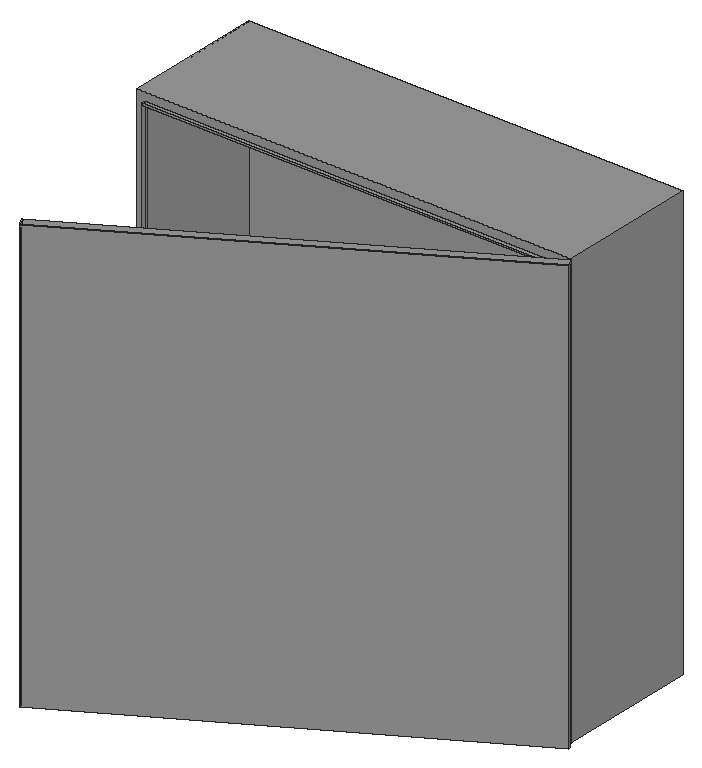
Revit family "Hager-Univers-IP55-D275-H800-Cl.II-Steel_encl-NoHosted-PL-en", category Equipement électrique, Revit 2020
Family settings
  Configuration du panneau = Deux colonnes, circuits au sein
  Cote de connecteur circulaire = Utiliser le diamètre
  Type d'élément = Tableau de raccordement
  Basée sur le plan de construction = Oui
  Toujours verticalement = Oui
  Couper avec des vides une fois chargée = Non
  Partagée = Non
  Point de calcul de pièce = Non
Parameters (values of type "Surface mounted (plaster) IP55 W800 H800 D275  - FR53S")
  Width Control [instance] = if([EF000008 - Width] > Min Width, [EF000008 - Width], Min Width)  # 800 mm
  Commentaires du type = [HG000003 - Range]  # "Univers"
  Thickness Door [instance] = if([EF009171 - Material plate thickness door/cover] > 3 mm, 3 mm, [EF009171 - Material plate thickness door/cover])  # 1.5 mm
  Seal Frame Offset [instance] = 17 mm  # constant formula
  Plinth Visibility [instance] = [HG000027 - Plinth height] > 0 mm  # no
  Min Width [instance] = 100 mm  # constant formula
  Min Depth [instance] = (2 * [EF009170 - Material plate thickness cabinet]) + 1 mm  # 4 mm
  Min Height [instance] = 100 mm  # constant formula
  Internal Frame Depth [instance] = (Door System Depth * 0.5)  # 9 mm
  Panel Name [instance] = ""  # (empty or 0)
  Model = ""
  HG000027 - Plinth height = 0 mm
  HG000026 - Floor standing = no
  HG000024 - Bottom section height = 600 mm
  HG000023 - Double section enclosure = no
  HG000016 - Door 3d visibility [instance] = yes
  HG000015 - Clearance visibility [instance] = no
  HG000014 - Door on the right [instance] = yes
  HG000013 - Door on the left [instance] = not([HG000014 - Door on the right])  # no
  HG000012 - Door swing angle [instance] = 30.00°
  HG000010 - Asymmetric doors = no
  HG000009 - Double swing door = no
  HG000006 - Flush mounted = no
  HG000004 - Manufacturer reference = "FR53S"
  HG000003 - Range = "Univers"
  HG000002 - With door or cover = yes
  Frame Offset Bottom [instance] = 10 mm  # constant formula
  Frame Offset [instance] = 15 mm  # constant formula
  EF015940 - Cover with overpressure release = no
  EF011959 - Degree of protection (NEMA) = ""
  EF009554 - Number of openings for flange plates = 6
  EF009212 - Cover model = "EV000116 - Closed"
  EF009171 - Material plate thickness door/cover = 1.5 mm
  EF009170 - Material plate thickness cabinet = 1.5 mm
  EF008873 - Nominal current (In) = 800 A
  EF007800 - Suitable for lightning protection = no
  EF006306 - With lock = no
  EF006244 - Transparent cover/door = no
  EF005474 - Degree of protection (IP) = "EV006420 - IP55"
  EF004464 - Type of door = "EV002646 - Single"
  EF004427 - Number of modules = 180
  EF004293 - Impact strength = "EV008784 - IK10"
  EF003532 - Suitable for outdoor use = no
  EF002950 - Width in number of modular spacings = 24
  EF001613 - Circuit integrity = "EV000494 - None"
  EF001596 - Material housing = "EV000179 - Steel"
  EF001131 - Internal depth = 275 mm
  EF001088 - Extension possible = yes
  EF000437 - Number of conduit inlets = 6
  EF000339 - Type of cover = "EV004216 - Door"
  EF000266 - Number of rows = 5
  EF000218 - Built-in depth = 0 mm
  EF000118 - With mounting plate = no
  EF000116 - RAL-number = "7035"
  EF000049 - Depth = 275 mm
  EF000040 - Height = 800 mm
  EF000008 - Width = 800 mm
  EF000007 - Colour = "EV000270 - Grey"
  EF000003 - Mounting method = "EV000384 - Surface mounted (plaster)"
  Door System Leaf Tolerance [instance] = 1.5 mm  # constant formula
  Door System Depth [instance] = 18 mm  # constant formula
  Door Height [instance] = Height Control - [HG000027 - Plinth height]  # 800 mm
  Description = ""
  Default Elevation = 1219.2 mm
  Connector Offset [instance] = Height Control / 2  # 400 mm
  Fabricant = "Hager"  # constant formula
  Height Control [instance] = if([EF000040 - Height] > Min Height, [EF000040 - Height], Min Height)  # 800 mm
  Depth Control [instance] = if([EF000049 - Depth] > Min Depth, [EF000049 - Depth], Min Depth)  # 275 mm
  Bottom Top Plate Trim [instance] = 1.5 mm  # constant formula
  Plinth height Ctrl [instance] = if([HG000027 - Plinth height] > 0 mm, [HG000027 - Plinth height], 12 mm)  # 12 mm
Types (5, lengths in mm): name | Width Control | HG000010 - Asymmetric doors | HG000009 - Double swing door | HG000004 - Manufacturer reference | EF009554 - Number of openings for flange plates | EF004464 - Type of door | EF004427 - Number of modules | EF000437 - Number of conduit inlets | EF000008 - Width
  Surface mounted (plaster) IP55 W1050 H800 D275  - FR54S | 1050 | no | yes | "FR54S" | 8 | "EV003602 - Double" | 240 | 8 | 1050
  Surface mounted (plaster) IP55 W1300 H800 D275  - FR55S | 1300 | yes | yes | "FR55S" | 10 | "EV003602 - Double" | 300 | 10 | 1300
  Surface mounted (plaster) IP55 W300 H800 D275  - FR51S | 300 | no | no | "FR51S" | 2 | "EV002646 - Single" | 60 | 2 | 300
  Surface mounted (plaster) IP55 W550 H800 D275  - FR52S | 550 | no | no | "FR52S" | 4 | "EV002646 - Single" | 120 | 4 | 550
  Surface mounted (plaster) IP55 W800 H800 D275  - FR53S | 800 | no | no | "FR53S" | 6 | "EV002646 - Single" | 180 | 6 | 800
Reference planes
  plane 1 "Center (Front/Back)": y = 0
  plane 2: z = 0
  plane 3 "Center (Left/Right)": x = 0
  plane 4: y = 0
  plane 5: y = 0
  plane 6: z = 0
  plane 7: x = -400
  plane 8: x = 400
  plane 9: x = 398.5
  plane 10: x = -398.5
  plane 11: z = 0
  plane 12: z = 1.5
  plane 13: y = -275
  plane 14: y = -1.5
  plane 15: x = 0
  plane 16: y = -257
  plane 17: y = -273.5
  plane 18: y = -255.5
  plane 19: x = -383.5
  plane 20: x = 383.5
  plane 21: z = 11.5
  plane 22: x = -383
  plane 23: x = 383
  plane 24: z = 0
  plane 25: z = 800
  plane 26: z = 800
  plane 27: z = 783.5
  plane 28: z = 798.5
Forms (mm)
  Extrusion 1, solid, material "Hager_Steel_RAL7035_Light_Grey", detail levels medium+fine
    sketch origin (-208.679, -4572, 0) x (-1, 0, 0) y (0, -1, 0)
      loop
        line (191.321, -4315) -> (-608.679, -4315) -> (-608.679, -4572) -> (191.321, -4572) -> (191.321, -4315)
    from 0 to 800
  Extrusion 2, void
    sketch origin (-350.771, -275, 1219.2) x (1, 0, 0) y (0, 0, 1)
      loop
        line (-47.729, -420.7) -> (-47.729, -1217.7) -> (749.271, -1217.7) -> (749.271, -420.7) -> (-47.729, -420.7)
    from -19.5 to -273.5
  Extrusion 3, void
    sketch origin (-290.084, -257, 1219.2) x (1, 0, 0) y (0, 0, 1)
      loop
        line (-93.416, -1207.7) -> (673.584, -1207.7) -> (673.584, -435.7) -> (-93.416, -435.7) -> (-93.416, -1207.7)
    from 0 to -1.5
  Extrusion 4, solid, material "Hager_Steel_RAL7035_Light_Grey", visible <- "Plinth Visibility", detail levels medium+fine
    sketch origin (0, 0, 0) x (1, 0, 0) y (0, 1, 0)
      loop
        line (-400, 0) -> (-400, -257) -> (400, -257) -> (400, 0) -> (-400, 0)
    from 0 to 12 <- "Plinth height Ctrl"
  Extrusion 5, solid, material "Hager_Steel_RAL7035_Light_Grey", detail levels coarse
    sketch origin (0, 0, 0) x (1, 0, 0) y (0, 1, 0)
      loop
        line (-400, 0) -> (-400, -275) -> (400, -275) -> (400, 0) -> (-400, 0)
    from 0 to 800 <- "Height Control"
  Sweep 6, void
    path in 3D
      loop
        line (-400, -257, 12) -> (400, -257, 12) -> (400, 0, 12) -> (-400, 0, 12) -> (-400, -257, 12)
    profile origin (-400, -128.5, 12) x (1, 0, 0) y (0, 0, 1)
      loop
        line (0, 0) -> (0, -1.5) -> (1.5, -1.5)
        arc (1.5, -1.5) -> (1.061, -0.439) -> (0, 0) r 1.5
  Extrusion 7, solid, material "Hager_Steel_RAL7035_Light_Grey", detail levels fine
    sketch origin (-400, -257, 0) x (1, 0, 0) y (0, 0, 1)
      loop
        line (16.5, 11.5) -> (783.5, 11.5) -> (783.5, 783.5) -> (16.5, 783.5) -> (16.5, 11.5)
      loop
        line (15, 10) -> (785, 10) -> (785, 785) -> (15, 785) -> (15, 10)
    from 0 to 9 <- "Internal Frame Depth"
Cuts and joins
  Extrusion 2, Extrusion 3 cuts Extrusion 1
  Sweep 6 cuts Extrusion 4
Lines and regions (mm)
  Masking region 1
    outline origin (0, 0, 0) x (1, 0, 0) y (0, 1, 0)
      loop
        line (-400, 0) -> (-400, -275) -> (400, -275) -> (400, 0) -> (-400, 0)
  Masking region 2, detail levels coarse
    outline origin (-290.084, -257, 1219.2) x (-1, 0, 0) y (0, 0, 1)
      loop
        line (-690.084, -1219.2) -> (109.916, -1219.2) -> (109.916, -419.2) -> (-690.084, -419.2) -> (-690.084, -1219.2)
  Masking region 3, detail levels coarse
    outline origin (0, 0, 0) x (0, 1, 0) y (0, 0, 1)
      loop
        line (0, 0) -> (0, 800) -> (-275, 800) -> (-275, 0) -> (0, 0)
  Masking region 4, visible <- "Plinth Visibility", detail levels medium+fine
    outline origin (0, 0, 0) x (0, 1, 0) y (0, 0, 1)
      loop
        line (-1.5, 12) -> (-255.5, 12)
        arc (-255.5, 12) -> (-255.939, 10.939) -> (-257, 10.5) r 1.5
        line (-257, 10.5) -> (-257, 0) -> (0, 0) -> (0, 10.5)
        arc (0, 10.5) -> (-1.061, 10.939) -> (-1.5, 12) r 1.5
  Masking region 5, detail levels medium+fine
    outline origin (0, 0, 594.038) x (0, 1, 0) y (0, 0, 1)
      loop
        line (0, -594.038) -> (0, 205.962) -> (-257, 205.962) -> (-257, -594.038) -> (0, -594.038)
  Masking region 6, detail levels medium+fine
    outline origin (-359.7, -257, 1211.883) x (-1, 0, 0) y (0, 0, 1)
      loop
        line (-759.7, -1211.883) -> (40.3, -1211.883) -> (40.3, -411.883) -> (-759.7, -411.883) -> (-759.7, -1211.883)
  Masking region 7, visible <- "Plinth Visibility", detail levels medium+fine
    outline origin (-320.334, -257, 1041.368) x (-1, 0, 0) y (0, 0, 1)
      loop
        line (-720.334, -1041.368) -> (79.666, -1041.368) -> (79.666, -1030.868)
        arc (79.666, -1030.868) -> (78.606, -1030.429) -> (78.166, -1029.368) r 1.5
        line (78.166, -1029.368) -> (-718.834, -1029.368)
        arc (-718.834, -1029.368) -> (-719.273, -1030.429) -> (-720.334, -1030.868) r 1.5
        line (-720.334, -1030.868) -> (-720.334, -1041.368)
  sketch lines
    curve 1: line (-400, 0, 12) -> (-400, -257, 12)
    curve 2: line (-400, -257, 12) -> (400, -257, 12)
    curve 3: line (400, 0, 12) -> (-400, 0, 12)
    curve 4: line (400, -257, 12) -> (400, 0, 12)
Dimensions and locks
  locked: plane 1 "Center (Front/Back)" to plane 5
  "EF009170 - Material plate thickness cabinet": plane 7 to plane 10
  "EF009170 - Material plate thickness cabinet": plane 8 to plane 9
  equal spacing: plane 7, plane 3 "Center (Left/Right)", plane 8
  "Width Control": plane 7 to plane 8
  "Depth Control": plane 4 to plane 13
  "EF009170 - Material plate thickness cabinet": plane 4 to plane 14
  "Height Control": plane 25 to level
  "HG000027 - Plinth height": plane 11 to level
  "EF009170 - Material plate thickness cabinet": plane 12 to plane 11
  "EF009170 - Material plate thickness cabinet": plane 17 to plane 13
  "EF009170 - Material plate thickness cabinet": plane 18 to plane 16
  "Frame Offset Bottom": plane 21 to plane 12
  "Frame Offset": plane 10 to plane 19
  "Frame Offset": plane 9 to plane 20
  "Door System Depth": plane 16 to plane 13
  "Seal Frame Offset": plane 7 to plane 22
  "Seal Frame Offset": plane 8 to plane 23
  "EF009170 - Material plate thickness cabinet": plane 26 to plane 28
  "Frame Offset": plane 28 to plane 27
  "Connector Offset": plane 2 to connector elem
  "Bottom Top Plate Trim": profile plane to Sweep 6 sketch curve
  "Bottom Top Plate Trim": Sweep 6 sketch curve to Sweep 6 sketch curve
  "Plinth height Ctrl": Masking region 4 sketch curve to level
  "Plinth height Ctrl": Masking region 7 sketch curve to level
  "Thickness Door": Extrusion 7 sketch curve to Extrusion 7 sketch curve  (x4)
  "Bottom Top Plate Trim": radius of Sweep 6 sketch curve
  "Bottom Top Plate Trim": radius of Masking region 4 sketch curve  (x2)
  "Bottom Top Plate Trim": radius of Masking region 7 sketch curve  (x2)
  aligned and locked: Extrusion 2 sketch curve to plane 12
  aligned and locked: Extrusion 2 sketch curve to plane 9
  aligned and locked: Extrusion 2 sketch curve to plane 10
  aligned and locked: Extrusion 2 to plane 14
  aligned and locked: Extrusion 1 sketch curve to plane 4
  aligned and locked: plane 8 to Extrusion 1 sketch curve
  aligned and locked: plane 7 to Extrusion 1 sketch curve
  aligned and locked: Extrusion 2 to plane 18
  aligned and locked: Extrusion 3 sketch curve to plane 19
  aligned and locked: plane 20 to Extrusion 3 sketch curve
  aligned and locked: Extrusion 3 to Extrusion 2
  aligned and locked: Extrusion 3 sketch curve to plane 21
  aligned and locked: plane 3 "Center (Left/Right)" to nested 1
  aligned and locked: Extrusion 1 sketch curve to plane 16
  aligned and locked: Extrusion 4 sketch curve to cut or joined group of Extrusion 1, Extrusion 2, Extrusion 3
  aligned and locked: Masking region 1 sketch curve to plane 7
  aligned and locked: Masking region 1 sketch curve to plane 5
  aligned and locked: Masking region 1 sketch curve to plane 8
  aligned and locked: Masking region 2 sketch curve to level
  aligned and locked: level to Masking region 3 sketch curve
  aligned and locked: plane 1 "Center (Front/Back)" to Masking region 3 sketch curve
  aligned and locked: plane 13 to Masking region 3 sketch curve
  aligned and locked: plane 5 to Masking region 4 sketch curve
  aligned and locked: Masking region 2 sketch curve to plane 8
  aligned and locked: Masking region 2 sketch curve to plane 7
  aligned and locked: plane 7 to nested 2
  aligned and locked: nested 2 to plane 5
  aligned and locked: plane 5 to Masking region 5 sketch curve
  aligned and locked: plane 26 to Masking region 5 sketch curve
  aligned and locked: Extrusion 5 sketch curve to plane 8
  aligned and locked: Extrusion 5 sketch curve to plane 7
  aligned and locked: Extrusion 5 sketch curve to plane 5
  aligned and locked: Extrusion 3 sketch curve to plane 27
  aligned and locked: Extrusion 2 sketch curve to plane 28
  aligned and locked: Masking region 2 to plane 25
  aligned and locked: Extrusion 4 to plane 16
  aligned and locked: profile plane to Sweep 6 sketch curve
  aligned and locked: Masking region 5 sketch curve to plane 24
  aligned and locked: level to Masking region 4 sketch curve
  aligned and locked: Masking region 1 to plane 13
  aligned and locked: nested 1 to plane 16
  aligned and locked: Masking region 3 to plane 25
  aligned and locked: plane 16 to Masking region 4 sketch curve
  aligned and locked: Masking region 5 sketch curve to plane 16
  aligned and locked: plane 24 to plane 11
  aligned and locked: plane 26 to plane 25
  aligned and locked: plane 26 to cut or joined group of Extrusion 1, Extrusion 2, Extrusion 3
  aligned and locked: nested 1 to plane 24
  aligned and locked: Extrusion 1 to Extrusion 3
  aligned and locked: Masking region 6 sketch curve to plane 8
  aligned and locked: Masking region 6 sketch curve to plane 24
  aligned and locked: Masking region 6 sketch curve to plane 7
  aligned and locked: Masking region 6 sketch curve to plane 26
  aligned and locked: Masking region 7 sketch curve to plane 7
  aligned and locked: level to Masking region 7 sketch curve
  aligned and locked: Masking region 7 sketch curve to plane 8
  aligned and locked: Extrusion 7 sketch curve to cut or joined group of Extrusion 1, Extrusion 2, Extrusion 3  (x4)
Automatic sketch dimensions
  plane 19 to Extrusion 3 sketch curve = 0 mm
  Extrusion 3 sketch curve to plane 20 = 0 mm
  Extrusion 3 sketch curve to plane 21 = 0 mm
  Extrusion 4 sketch curve to plane 7 = 0 mm
  Extrusion 4 sketch curve to plane 8 = 0 mm
  Extrusion 4 sketch curve to plane 16 = 0 mm
  Masking region 1 sketch curve to plane 13 = 0 mm
  Masking region 2 sketch curve to plane 25 = 0 mm
  Masking region 3 sketch curve to plane 25 = 0 mm
  Extrusion 5 sketch curve to plane 13 = 0 mm
  profile plane to Sweep 6 sketch curve = 0 mm
Nested families
  nested 1: "EC000058_Univers_Door" at (0, -257, 0), Double <- "HG000009 - Double swing door", Transparent <- "EF006244 - Transparent cover/door", Angle <- "HG000012 - Door swing angle", Door_Right <- "HG000014 - Door on the right", Assymetrical <- "HG000010 - Asymmetric doors", Door <- "HG000002 - With door or cover", Width_Ctrl <- "Width Control", 3d_Door <- "HG000016 - Door 3d visibility", Clearance <- "HG000015 - Clearance visibility", Door_Left <- "HG000013 - Door on the left", Width <- "Width Control", Door_Depth <- "Door System Depth", Leaf_Tolerance <- "Door System Leaf Tolerance", Height <- "Door Height", Lock_Visibility <- "EF006306 - With lock", Thickness <- "Thickness Door", type "EC000058_Univers_Door", detail levels medium+fine
    with min_wh 4 mm, Width_Ctrl 800 mm, Width 800 mm, Transparent no, Thickness 1.5 mm, Seal_Material Hager_Rubber, Lock_Visibility no, Lock_Material Hager_Plastic_RAL9005_Jet_Black, Leaf_Width 800 mm, Leaf_Tolerance_External_Sides 0 mm, Leaf_Tolerance 1.5 mm, Leaf_Offset 0 mm, Leaf_Height 797 mm, Leaf_2_Width 800 mm, Leaf_2_Offset 400 mm, Leaf_1_Width 800 mm, Leaf_1_Offset 400 mm, Height_Ctrl 800 mm, Height 800 mm, Glass_Material Hager_Glass, Double_Clearance_Ctrl no, Double no, Door_Right_Ctrl yes, Door_Right yes, Door_Material Hager_Steel_RAL7035_Light_Grey, Door_Left_Ctrl no, Door_Left no, Door_Depth 18 mm, Door yes, Clearance_Material Hager_Clearance, Clearance_Depth 800 mm, Clearance_Ctrl no, Clearance no, Assymetrical no, Angle 30.00°, 3d_Door yes
  nested 2: "Hager_Enclosure_Symbol" at (-400, 0, 0), Height <- "Depth Control", Width <- "Width Control", type "Hager_Enclosure_Symbol"
    with Width_Ctrl 800 mm, Width 800 mm, Height_Ctrl 275 mm, Height 275 mm, A_Width_Int 18.047 mm, A_Width 216.562 mm, A_Height_Ctrl 240.625 mm, A_Height 240.625 mm
Connectors
  electrical at (0, 0, 400)
    settings: on plane 1 "Center (Front/Back)", index 1, voltage 0 V, apparent load 0 VA, apparent load phase1 0 VA, apparent load phase2 0 VA, apparent load phase3 0 VA, power factor 1, load classification "Other", number of poles 1, system type 30, power factor state 1, is connector primary yes, connector utility no, sub classification motor no, connector description ""
Definition of nested family "EC000058_Univers_Door"
  Parameters (values of type "EC000058_Univers_Door")
    min_wh [instance] = (2 * Thickness) + 1 mm  # 11 mm
    Width_Ctrl [instance] = 400 mm
    Width [instance] = 500 mm
    Transparent [instance] = yes
    Thickness [instance] = 5 mm
    Seal_Material [instance] = none
    Lock_Visibility [instance] = yes
    Lock_Material [instance] = none
    Leaf_Width [instance] = if((Width_Ctrl - 2 * Leaf_Tolerance_External_Sides) > 0 mm, (Width_Ctrl - 2 * Leaf_Tolerance_External_Sides), min_wh)  # 400 mm
    Leaf_Tolerance_External_Sides [instance] = 0 mm  # constant formula
    Leaf_Tolerance [instance] = 1.5 mm
    Leaf_Offset [instance] = 0 mm  # constant formula
    Leaf_Height [instance] = if((Height_Ctrl - 2 * Leaf_Tolerance) > 0 mm, (Height_Ctrl - 2 * Leaf_Tolerance), min_wh)  # 497 mm
    Leaf_2_Width [instance] = if(and(and(Double, Assymetrical), Door_Left), (Leaf_Width / 3) - (Leaf_Tolerance / 2), if(and(and(Double, Assymetrical), Door_Right), (Leaf_Width / 3) * 2 - (Leaf_Tolerance / 2), if(and(Double, not(Assymetrical)), (Leaf_Width / 2) - Leaf_Tolerance, Leaf_Width)))  # 400 mm
    Leaf_2_Offset [instance] = if(and(Double, Assymetrical), Leaf_2_Width / 2, if(and(Double, not(Assymetrical)), Leaf_Width / 4, Leaf_Width / 2))  # 200 mm
    Leaf_1_Width [instance] = if(and(and(Double, Assymetrical), Door_Right), (Leaf_Width / 3) - (Leaf_Tolerance / 2), if(and(and(Double, Assymetrical), Door_Left), (Width / 3) * 2 - (Leaf_Tolerance / 2), if(and(Double, not(Assymetrical)), (Leaf_Width / 2) - Leaf_Tolerance, Leaf_Width)))  # 400 mm
    Leaf_1_Offset [instance] = if(and(Double, Assymetrical), Leaf_1_Width / 2, if(and(Double, not(Assymetrical)), Leaf_Width / 4, Leaf_Width / 2))  # 200 mm
    Height_Ctrl [instance] = if(Height > min_wh, Height, min_wh)  # 500 mm
    Height [instance] = 500 mm
    Glass_Material [instance] = none
    Double_Clearance_Ctrl [instance] = and(Double, Clearance)  # no
    Double [instance] = no
    Door_Right_Ctrl [instance] = and(or(Door_Right, Double), Door)  # yes
    Door_Right [instance] = yes
    Door_Material [instance] = none
    Door_Left_Ctrl [instance] = and(or(Door_Left, Double), Door)  # no
    Door_Left [instance] = no
    Door_Depth [instance] = 30 mm
    Door [instance] = yes
    Default Elevation = 1219.2 mm
    Clearance_Material [instance] = none
    Clearance_Depth [instance] = if(Leaf_1_Width > Leaf_2_Width, Leaf_1_Width, Leaf_2_Width)  # 400 mm
    Clearance_Ctrl [instance] = and(not(Double), Clearance)  # yes
    Clearance [instance] = yes
    Assymetrical [instance] = yes
    Angle [instance] = 30.00°
    3d_Door [instance] = yes
  Reference planes
    plane 1 "Center (Front/Back)": y = 0
    plane 2 "Bottom": z = 0
    plane 3 "Center (Left/Right)": x = 0
    plane 4: z = 500
    plane 5: x = -200
    plane 6: x = 200
    plane 7: z = 500
    plane 8: x = -200
    plane 9: z = 0
    plane 10: x = 200
    plane 11: y = 0
    plane 12: z = 1.5
    plane 13: x = -600
    plane 14: y = -400
    plane 15: x = 600
    plane 16: x = 0
    plane 17: x = 0
    plane 18: x = -200
    plane 19: x = 200
    plane 20: z = 498.5
  Forms (mm)
    Extrusion 1, solid, material <- "Clearance_Material", visible <- "Double_Clearance_Ctrl"
      sketch origin (1200, 0, 0) x (1, 0, 0) y (0, 0, -1)
        loop
          line (-1800, -498.5) -> (-600, -498.5) -> (-600, 0) -> (-1800, 0) -> (-1800, -498.5)
      from 0 to -400
  Dimensions and locks
    equal spacing: plane 5, plane 3 "Center (Left/Right)", plane 6
    "Width_Ctrl": plane 5 to plane 6
    "Leaf_Offset": plane 5 to plane 8
    "Leaf_Offset": plane 6 to plane 10
    "Leaf_Offset": plane 9 to level
    "Leaf_Offset": plane 4 to plane 7
    "Height_Ctrl": plane 4 to level
    "Leaf_Tolerance": plane 12 to plane 9
    locked: plane 11 to plane 1 "Center (Front/Back)"
    "Leaf_1_Offset": plane 18 to plane 16
    "Leaf_2_Offset": plane 17 to plane 19
    "Leaf_1_Width": plane 13 to plane 8
    "Leaf_2_Width": plane 10 to plane 15
    "Clearance_Depth": plane 14 to plane 1 "Center (Front/Back)"
    "Leaf_Tolerance_External_Sides": plane 8 to plane 18
    "Leaf_Tolerance_External_Sides": plane 19 to plane 10
    "Leaf_Tolerance": plane 7 to plane 20
    aligned and locked: level to plane 2 "Bottom"
    aligned and locked: nested 1 to plane 16
    aligned and locked: nested 2 to plane 17
    aligned and locked: Extrusion 1 to plane 13
    aligned and locked: plane 15 to Extrusion 1
    aligned and locked: Extrusion 1 to plane 14
    aligned and locked: plane 12 to nested 1
    aligned and locked: nested 2 to plane 12
    aligned and locked: Extrusion 1 to plane 11
    aligned and locked: plane 20 to Extrusion 1
    aligned and locked: nested 2 to plane 11
    aligned and locked: nested 1 to plane 11
  Automatic sketch dimensions
    Extrusion 1 sketch curve to level = 0 mm
    plane 5 to Extrusion 1 sketch curve = 400 mm
    plane 6 to Extrusion 1 sketch curve = 400 mm
    Extrusion 1 sketch curve to plane 4 = 1.5 mm
  Nested families
    nested 1: "EC000058_Univers_Door_Leaf" at (0, 0, 1.5), Width <- "Leaf_1_Width", visible <- "Door_Left_Ctrl", Leaf_Height <- "Leaf_Height", Angle <- "Angle", 3d_Door <- "3d_Door", Transparent <- "Transparent", Clearance Material <- "Clearance_Material", Clearance <- "Clearance_Ctrl", Door_Material <- "Door_Material", Glass_Material <- "Glass_Material", Door_Depth <- "Door_Depth", Lock_Material <- "Lock_Material", Seal_Material <- "Seal_Material", Lock_Visibility <- "Lock_Visibility", Thickness <- "Thickness", type "EC000058_Univers_Door_Leaf"
      with Width 400 mm, Transparent_Glass_Offset 30 mm, Transparent_Ctrl yes, Transparent yes, Thickness 5 mm, Standard no, Seal_Material none, Seal_D2 8 mm, Seal_D1 1 mm, Offset_Internal_Frame 10 mm, Lock_Width 20 mm, Lock_Visibility_3d yes, Lock_Visibility yes, Lock_Thickness_3 3 mm, Lock_Thickness_2 1 mm, Lock_Thickness_1 3 mm, Lock_Radius_Offset_2 16 mm, Lock_Radius_Offset_1 15 mm, Lock_Radius_2 5 mm, Lock_Radius 6 mm, Lock_Offset 5 mm, Lock_Material none, Lock_Height 80 mm, Lock_Cover_Top_Offset_2d 17 mm, Lock_Cover_Height -65 mm, Leaf_Height 497 mm, Internal_Seal_Thickness 8 mm, Internal_Seal_Depth_2 4.5 mm, Internal_Frame_Depth 25 mm, Glass_Thickness -1 mm, Glass_Offset -2 mm, Glass_Material none, Door_Material none, Door_Depth 30 mm, Clearance Material none, Clearance yes, Angle_Ctrl 30.00°, Angle 30.00°, 3d_Door yes
    nested 2: "EC000058_Univers_Door_Leaf" at (0, 0, 1.5) x (-1, 0, 0) z (0, 0, 1), Width <- "Leaf_2_Width", visible <- "Door_Right_Ctrl", Leaf_Height <- "Leaf_Height", Angle <- "Angle", 3d_Door <- "3d_Door", Transparent <- "Transparent", Clearance Material <- "Clearance_Material", Clearance <- "Clearance_Ctrl", Door_Material <- "Door_Material", Glass_Material <- "Glass_Material", Door_Depth <- "Door_Depth", Lock_Material <- "Lock_Material", Seal_Material <- "Seal_Material", Lock_Visibility <- "Lock_Visibility", Thickness <- "Thickness", type "EC000058_Univers_Door_Leaf"
      with Width 400 mm, Transparent_Glass_Offset 30 mm, Transparent_Ctrl yes, Transparent yes, Thickness 5 mm, Standard no, Seal_Material none, Seal_D2 8 mm, Seal_D1 1 mm, Offset_Internal_Frame 10 mm, Lock_Width 20 mm, Lock_Visibility_3d yes, Lock_Visibility yes, Lock_Thickness_3 3 mm, Lock_Thickness_2 1 mm, Lock_Thickness_1 3 mm, Lock_Radius_Offset_2 16 mm, Lock_Radius_Offset_1 15 mm, Lock_Radius_2 5 mm, Lock_Radius 6 mm, Lock_Offset 5 mm, Lock_Material none, Lock_Height 80 mm, Lock_Cover_Top_Offset_2d 17 mm, Lock_Cover_Height -65 mm, Leaf_Height 497 mm, Internal_Seal_Thickness 8 mm, Internal_Seal_Depth_2 4.5 mm, Internal_Frame_Depth 25 mm, Glass_Thickness -1 mm, Glass_Offset -2 mm, Glass_Material none, Door_Material none, Door_Depth 30 mm, Clearance Material none, Clearance yes, Angle_Ctrl 30.00°, Angle 30.00°, 3d_Door yes
  Definition of nested family "EC000058_Univers_Door_Leaf"
    Parameters (values of type "EC000058_Univers_Door_Leaf")
      Width [instance] = 2000 mm
      Transparent_Glass_Offset [instance] = 30 mm
      Transparent_Ctrl [instance] = and(Transparent, [3d_Door])  # yes
      Transparent [instance] = yes
      Thickness [instance] = 5 mm
      Standard [instance] = and(not(Transparent), [3d_Door])  # no
      Seal_Material [instance] = none
      Seal_D2 [instance] = 8 mm  # constant formula
      Seal_D1 [instance] = 1 mm  # constant formula
      Offset_Internal_Frame [instance] = 10 mm  # constant formula
      Lock_Width [instance] = 20 mm  # constant formula
      Lock_Visibility_3d [instance] = and(Lock_Visibility, [3d_Door])  # yes
      Lock_Visibility [instance] = yes
      Lock_Thickness_3 [instance] = 3 mm  # constant formula
      Lock_Thickness_2 [instance] = 1 mm  # constant formula
      Lock_Thickness_1 [instance] = 3 mm  # constant formula
      Lock_Radius_Offset_2 [instance] = Lock_Radius_Offset_1 + 1 mm  # 16 mm
      Lock_Radius_Offset_1 [instance] = 15 mm  # constant formula
      Lock_Radius_2 [instance] = Lock_Radius - 1 mm  # 5 mm
      Lock_Radius [instance] = 6 mm  # constant formula
      Lock_Offset [instance] = 5 mm  # constant formula
      Lock_Material [instance] = none
      Lock_Height [instance] = 80 mm  # constant formula
      Lock_Cover_Top_Offset_2d [instance] = Lock_Radius_Offset_2 + 1 mm  # 17 mm
      Lock_Cover_Height [instance] = -(Lock_Height - Lock_Radius_Offset_1)  # -65 mm
      Leaf_Height [instance] = 2720.336 mm
      Internal_Seal_Thickness [instance] = 8 mm  # constant formula
      Internal_Seal_Depth_2 [instance] = 4.5 mm  # constant formula
      Internal_Frame_Depth [instance] = if(Door_Depth - Thickness > 5 mm, Door_Depth - Thickness, 5 mm)  # 25 mm
      Glass_Thickness [instance] = if(Thickness > 15 mm, Glass_Offset + 10 mm, -1 mm)  # -1 mm
      Glass_Offset [instance] = if(Thickness > 15 mm, -(Thickness + 10 mm) / 2, -2 mm)  # -2 mm
      Glass_Material [instance] = none
      Door_Material [instance] = none
      Door_Depth [instance] = 30 mm
      Default Elevation = 0 mm
      Clearance Material [instance] = none
      Clearance [instance] = yes
      Angle_Ctrl [instance] = if(Angle > 180.00°, 180.00°, Angle)  # 90.00°
      Angle [instance] = 90.00°
      3d_Door [instance] = yes
    Reference planes
      plane 1 "Center (Front/Back)": y = 0
      plane 2: z = 0
      plane 3 "Center (Left/Right)": x = 0
      plane 4: y = 2000
      plane 5: x = -1000
      plane 6: x = 1000
      plane 7: x = -3000
      plane 8: z = 2720.336
      plane 9: z = 30
      plane 10: z = 2690.336
      plane 11: x = 970
      plane 12: x = -970
      plane 13: y = -3
      plane 14: z = 107.833
      plane 15: y = -5
      plane 16: y = -223.314
      plane 17: x = -1000
      plane 18: z = 1360.168
      plane 19: y = 30
    Forms (mm)
      Extrusion 1, solid, material <- "Clearance Material", visible <- "Clearance"
        sketch origin (0, 0, 0) x (1, 0, 0) y (0, 0, 1)
          loop
            line (-3000, 2720.336) -> (-3000, 0) -> (1000, 0) -> (1000, 2720.336) -> (-3000, 2720.336)
        from 0 to -2000
      Extrusion 2, solid, material <- "Door_Material", visible <- "Standard", detail levels medium+fine
        sketch origin (-1000, 0, 0) x (0, 1, 0) y (-1, 0, 0)
          loop
            line (0, 30) -> (0, 25) -> (2000, 25) -> (2000, 30) -> (0, 30)
        from 0 to 2720.336 <- "Leaf_Height"
      Extrusion 3, solid, material <- "Door_Material", visible <- "Transparent_Ctrl", detail levels medium+fine
        sketch origin (-1000, 0, 0) x (0, 1, 0) y (-1, 0, 0)
          loop
            line (0, 25) -> (2000, 25) -> (2000, 30) -> (0, 30) -> (0, 25)
        from 0 to 2720.336 <- "Leaf_Height"
      Extrusion 4, void
        sketch origin (-1025, 2000, 0) x (0, 1, 0) y (0, 0, -1)
          loop
            line (-30, -2690.336) -> (-30, -30) -> (-1970, -30) -> (-1970, -2690.336) -> (-30, -2690.336)
        from 0 to 5 <- "Thickness"
      Sweep 5, solid, material <- "Seal_Material", visible <- "Transparent_Ctrl", detail levels fine
        path in 3D
          loop
            line (-1025, 30, 30) -> (-1025, 30, 2690.336) -> (-1025, 1970, 2690.336) -> (-1025, 1970, 30) -> (-1025, 30, 30)
        profile origin (-1025, 1000, 30) x (1, 0, 0) y (0, 0, 1)
          loop
            line (0, 0) -> (0, -8) -> (1, -8) -> (1, 0) -> (0, 0)
      Extrusion 6, solid, material <- "Glass_Material", visible <- "Transparent_Ctrl", detail levels medium+fine
        sketch origin (-1030, 0, 0) x (0, 1, 0) y (0, 0, -1)
          loop
            line (1970, -2690.336) -> (1970, -30) -> (30, -30) -> (30, -2690.336) -> (1970, -2690.336)
        from -2 <- "Glass_Offset" to -1 <- "Glass_Thickness"
      Extrusion 7, solid, material <- "Door_Material", visible <- "3d_Door", detail levels medium+fine
        sketch origin (-1025, 2000, 0) x (0, -1, 0) y (0, 0, -1)
          loop
            line (0, -2720.336) -> (2000, -2720.336) -> (2000, 0) -> (0, 0) -> (0, -2720.336)
          loop
            line (1995, -5) -> (5, -5) -> (5, -2715.336) -> (1995, -2715.336) -> (1995, -5)
        from 0 to 25 <- "Internal_Frame_Depth"
      Sweep 8, solid, material <- "Seal_Material", visible <- "Transparent_Ctrl", detail levels fine
        path in 3D
          loop
            line (-1025, 0, 0) -> (-1025, 2000, 0) -> (-1025, 2000, 2720.336) -> (-1025, 0, 2720.336) -> (-1025, 0, 0)
        profile origin (-1025, 0, 1360.168) x (1, 0, 0) y (0, 1, 0)
          loop
            line (0, 10) -> (2.975, 10)
            arc (2.975, 10) -> (4.053, 10.447) -> (4.5, 11.525) r 1.525
            line (4.5, 11.525) -> (4.5, 16.527)
            arc (4.5, 16.527) -> (4.069, 17.569) -> (3.027, 18) r 1.473
            line (3.027, 18) -> (0, 18) -> (0, 10)
      Extrusion 9, solid, material <- "Lock_Material", visible <- "Lock_Visibility_3d", detail levels fine
        sketch origin (-1030, 0, 0) x (0, 1, 0) y (0, 0, -1)
          loop
            arc (1993.5, -1400.168) -> (1994.561, -1399.729) -> (1995, -1398.668) r 1.5
            line (1995, -1398.668) -> (1995, -1320.168) -> (1975, -1320.168) -> (1975, -1398.668)
            arc (1975, -1398.668) -> (1975.439, -1399.729) -> (1976.5, -1400.168) r 1.5
            line (1976.5, -1400.168) -> (1993.5, -1400.168)
        from 3 <- "Lock_Thickness_1" to 0
      Blend 10, solid, material <- "Lock_Material", visible <- "Lock_Visibility_3d", detail levels fine
        base sketch origin (-1033, 0, 0) x (0, 1, 0) y (0, 0, -1)
          loop
            line (1975, -1320.168) -> (1975, -1398.668)
            arc (1975, -1398.668) -> (1975.439, -1399.729) -> (1976.5, -1400.168) r 1.5
            line (1976.5, -1400.168) -> (1993.5, -1400.168)
            arc (1993.5, -1400.168) -> (1994.561, -1399.729) -> (1995, -1398.668) r 1.5
            line (1995, -1398.668) -> (1995, -1320.168) -> (1975, -1320.168)
        top sketch origin (-1033, 0, 0) x (0, 1, 0) y (0, 0, -1)
          loop
            line (1976, -1320.168) -> (1976, -1398.668)
            arc (1976, -1398.668) -> (1976.146, -1399.022) -> (1976.5, -1399.168) r 0.5
            line (1976.5, -1399.168) -> (1993.5, -1399.168)
            arc (1993.5, -1399.168) -> (1993.854, -1399.022) -> (1994, -1398.668) r 0.5
            line (1994, -1398.668) -> (1994, -1320.168) -> (1976, -1320.168)
        from 0 to 1 <- "Lock_Thickness_2"
      Blend 11, solid, material <- "Lock_Material", visible <- "Lock_Visibility_3d", detail levels fine
        base sketch origin (-1034, 0, 0) x (0, 1, 0) y (0, 0, -1)
          loop
            line (1978, -1320.168) -> (1978, -1384.168)
            arc (1978, -1384.168) -> (1985, -1391.168) -> (1992, -1384.168) r 7
            line (1992, -1384.168) -> (1992, -1320.168) -> (1978, -1320.168)
        top sketch origin (-1034, 0, 0) x (0, 1, 0) y (0, 0, -1)
          loop
            line (1991, -1320.168) -> (1979, -1320.168) -> (1979, -1383.168)
            arc (1979, -1383.168) -> (1985, -1389.168) -> (1991, -1383.168) r 6
            line (1991, -1383.168) -> (1991, -1320.168)
        from 0 to 3 <- "Lock_Thickness_3"
      Extrusion 12, solid, material <- "Lock_Material", visible <- "Lock_Visibility_3d", detail levels fine
        sketch origin (-1030, 1975, 1320.168) x (1, 0, 0) y (0, -1, 0)
          loop
            line (-7, -19) -> (-7, -1) -> (0, -1) -> (0, 0) -> (-8, 0) -> (-8, -20) -> (0, -20) -> (0, -19) -> (-7, -19)
        from 0 to -65 <- "Lock_Cover_Height"
      Extrusion 13, void
        sketch origin (-1038, 1995, 1320.168) x (-1, 0, 0) y (0, 0, -1)
          loop
            line (-5, -65) -> (0, -65) -> (-5, -60) -> (-5, -65)
        from 0 to 20 <- "Lock_Width"
      Extrusion 14, void
        sketch origin (-1038, 1975, 1320.168) x (0, -1, 0) y (0, 0, -1)
          loop
            circle (-10, -15.995) r 6
          loop
            circle (-10, -15.995) r 5
        from 0 to 2
      Extrusion 15, solid, material <- "Lock_Material", visible <- "Lock_Visibility_3d", detail levels medium
        sketch origin (-1030, 0, 0) x (0, 1, 0) y (0, 0, -1)
          loop
            arc (1993.5, -1400.168) -> (1994.561, -1399.729) -> (1995, -1398.668) r 1.5
            line (1995, -1398.668) -> (1995, -1320.168) -> (1975, -1320.168) -> (1975, -1398.668)
            arc (1975, -1398.668) -> (1975.439, -1399.729) -> (1976.5, -1400.168) r 1.5
            line (1976.5, -1400.168) -> (1993.5, -1400.168)
        from 8 to 0
    Cuts and joins
      Extrusion 4 cuts Extrusion 3
      Extrusion 13, Extrusion 14 cuts Extrusion 9
      Extrusion 14 cuts Blend 11
      Extrusion 13, Extrusion 14 cuts Extrusion 12
      joined: Extrusion 9, Blend 10, Blend 11, Extrusion 12
      Extrusion 14 cuts Extrusion 15
    Lines and regions (mm)
      Masking region 1, visible <- "Lock_Visibility", detail levels fine
        outline origin (0, 0, 0) x (0, 1, 0) y (0, 0, 1)
          loop
            line (30, 1320.168) -> (33, 1320.168) -> (33, 1400.168) -> (30, 1400.168) -> (30, 1320.168)
      Masking region 2, visible <- "Lock_Visibility", detail levels fine
        outline origin (0, 3.143, 0) x (0, 1, 0) y (0, 0, 1)
          loop
            line (29.857, 1354.168) -> (30.857, 1354.168) -> (30.857, 1366.168) -> (29.857, 1366.168) -> (29.857, 1354.168)
      Masking region 3, detail levels medium+fine
        outline origin (0, 0, 0) x (0, 1, 0) y (0, 0, 1)
          loop
            line (0, 0) -> (30, 0) -> (30, 2720.336) -> (0, 2720.336) -> (0, 0)
      Masking region 4, detail levels medium+fine
        outline origin (0, 0, 0) x (1, 0, 0) y (0, 0, 1)
          loop
            line (-1000, 2720.336) -> (-1000, 0) -> (1000, 0) -> (1000, 2720.336) -> (-1000, 2720.336)
      Masking region 5, visible <- "Lock_Visibility", detail levels fine
        outline origin (-47.116, 0, 0) x (1, 0, 0) y (0, 0, 1)
          loop
            arc (1024.616, 1399.168) -> (1023.556, 1398.729) -> (1023.116, 1397.668) r 1.5
            line (1023.116, 1397.668) -> (1023.116, 1320.168) -> (1041.116, 1320.168) -> (1041.116, 1397.668)
            arc (1041.116, 1397.668) -> (1040.677, 1398.729) -> (1039.616, 1399.168) r 1.5
            line (1039.616, 1399.168) -> (1024.616, 1399.168)
      Masking region 6, visible <- "Lock_Visibility", detail levels medium+fine
        outline origin (-25, 0, 0) x (1, 0, 0) y (0, 0, 1)
          loop
            arc (1001.5, 1400.168) -> (1000.439, 1399.729) -> (1000, 1398.668) r 1.5
            line (1000, 1398.668) -> (1000, 1320.168) -> (1020, 1320.168) -> (1020, 1398.668)
            arc (1020, 1398.668) -> (1019.561, 1399.729) -> (1018.5, 1400.168) r 1.5
            line (1018.5, 1400.168) -> (1001.5, 1400.168)
      Masking region 7, visible <- "Lock_Visibility", detail levels fine
        outline origin (-73.735, 0, 0) x (1, 0, 0) y (0, 0, 1)
          loop
            line (1051.735, 1382.168) -> (1065.735, 1382.168) -> (1065.735, 1384.168)
            arc (1065.735, 1384.168) -> (1058.735, 1391.168) -> (1051.735, 1384.168) r 7
            line (1051.735, 1384.168) -> (1051.735, 1382.168)
      Masking region 8, visible <- "Lock_Visibility", detail levels fine
        outline origin (-73.735, 0, 0) x (1, 0, 0) y (0, 0, 1)
          loop
            line (1052.735, 1382.168) -> (1064.735, 1382.168) -> (1064.735, 1383.168)
            arc (1064.735, 1383.168) -> (1058.735, 1389.168) -> (1052.735, 1383.168) r 6
            line (1052.735, 1383.168) -> (1052.735, 1382.168)
      Masking region 9, visible <- "Lock_Visibility", detail levels fine
        outline origin (-25, 0, 0) x (1, 0, 0) y (0, 0, 1)
          loop
            line (1020, 1320.168) -> (1020, 1382.168) -> (1000, 1382.168) -> (1000, 1320.168) -> (1020, 1320.168)
      Masking region 10, detail levels medium+fine
        outline origin (0, 0, 0) x (1, 0, 0) y (0, 0, 1)
          loop
            circle (985, 1335.144) r 6
      Masking region 11, detail levels fine
        outline origin (0, 0, 0) x (1, 0, 0) y (0, 0, 1)
          loop
            circle (985, 1335.144) r 5
      Masking region 12, visible <- "Lock_Visibility", detail levels fine
        outline origin (0, 12.767, 0) x (0, 1, 0) y (0, 0, 1)
          loop
            line (20.233, 1320.168) -> (21.233, 1320.168) -> (21.233, 1399.168) -> (20.233, 1400.168) -> (20.233, 1320.168)
      Masking region 13, visible <- "Lock_Visibility", detail levels fine
        outline origin (0, 13.767, -10) x (0, 1, 0) y (0, 0, 1)
          loop
            line (20.233, 1330.168) -> (23.233, 1330.168) -> (23.233, 1399.168) -> (20.233, 1402.168) -> (20.233, 1330.168)
      Masking region 14, visible <- "Lock_Visibility", detail levels fine
        outline origin (0, 12.767, -10) x (0, 1, 0) y (0, 0, 1)
          loop
            line (20.233, 1330.168) -> (25.233, 1330.168) -> (25.233, 1399.305) -> (20.233, 1394.305) -> (20.233, 1330.168)
      Masking region 15, visible <- "Lock_Visibility", detail levels medium
        outline origin (0, 0, 0) x (0, 1, 0) y (0, 0, 1)
          loop
            line (30, 1320.168) -> (38, 1320.168) -> (38, 1400.168) -> (30, 1400.168) -> (30, 1320.168)
      Masking region 16, visible <- "Lock_Visibility", detail levels fine
        outline origin (-1000, 0, 0) x (0, 1, 0) y (-1, 0, 0)
          loop
            line (1975, 30) -> (1995, 30) -> (1995, 38) -> (1975, 38) -> (1975, 30)
          loop
            line (1979, 37) -> (1976, 37) -> (1976, 34) -> (1978, 34) -> (1979, 37)
          loop
            line (1994, 37) -> (1991, 37) -> (1992, 34) -> (1994, 34) -> (1994, 37)
      Masking region 17, visible <- "Lock_Visibility", detail levels medium
        outline origin (-1000, 0, 0) x (0, 1, 0) y (-1, 0, 0)
          loop
            line (1975, 30) -> (1995, 30) -> (1995, 38) -> (1975, 38) -> (1975, 30)
      symbolic lines
        curve 1: line (1000, 0, 0) -> (-3000, 0, 0)
        curve 2: arc (1000, 0, 0) -> (-1000, 2000, 0) -> (-3000, 0, 0) r 2000
        curve 4: line (-1030, 0, 0) -> (-1030, 2000, 0)
      reference lines
        curve 3: line (-1000, 0, 0) -> (-1000, 2000, 0)
      symbolic lines, detail levels medium+fine
        curve 5: line (-1030, 2000, 0) -> (-1025, 2000, 0)
        curve 7: line (-1025, 0, 0) -> (-1030, 0, 0)
        curve 8: line (-1025, 0, 0) -> (-1000, 0, 0)
        curve 9: line (-1000, 0, 0) -> (-1000, 2000, 0)
        curve 10: line (-1000, 2000, 0) -> (-1025, 2000, 0)
      symbolic lines, detail levels fine
        curve 6: line (-1025, 2000, 0) -> (-1025, 0, 0)
      sketch lines
        curve 11: line (-1025, 0, 2720.336) -> (-1025, 0, 0)
        curve 12: line (-1025, 2000, 0) -> (-1025, 0, 0)
        curve 13: line (-1025, 2000, 2720.336) -> (-1025, 2000, 0)
        curve 14: line (-1025, 0, 2720.336) -> (-1025, 2000, 2720.336)
        curve 15: line (-1025, 1970, 30) -> (-1025, 30, 30)
        curve 16: line (-1025, 30, 30) -> (-1025, 30, 2690.336)
        curve 17: line (-1025, 1970, 2690.336) -> (-1025, 1970, 30)
        curve 18: line (-1025, 30, 2690.336) -> (-1025, 1970, 2690.336)
      symbolic lines, visible <- "Transparent", detail levels medium+fine
        curve 19: line (-970, 0, 2690.336) -> (970, 0, 2690.336)
        curve 20: line (-970, 0, 30) -> (-970, 0, 2690.336)
        curve 21: line (970, 0, 30) -> (-970, 0, 30)
        curve 22: line (970, 0, 2690.336) -> (970, 0, 30)
    Dimensions and locks
      "Width": plane 1 "Center (Front/Back)" to plane 4
      equal spacing: plane 5, plane 3 "Center (Left/Right)", plane 6
      "Width": plane 5 to plane 6
      "Width": plane 7 to plane 5
      "Leaf_Height": plane 8 to level
      "Width": curve 5 to curve 3
      "Width": curve 3 to curve 3
      plane 8 to plane 10 = 30 mm
      plane 9 to level = 30 mm
      plane 12 to plane 5 = 30 mm
      plane 6 to plane 11 = 30 mm
      Extrusion 1 to Extrusion 4 sketch curve = 30 mm
      "Transparent_Glass_Offset": curve 3 to Extrusion 4 sketch curve
      "Transparent_Glass_Offset": Extrusion 4 sketch curve to cut or joined group of Extrusion 3, Extrusion 4  (x2)
      cut or joined group of Extrusion 3, Extrusion 4 to Extrusion 6 sketch curve = 30 mm
      "Transparent_Glass_Offset": cut or joined group of Extrusion 3, Extrusion 4 to Extrusion 4 sketch curve
      "Thickness": curve 6 to curve 4
      "Thickness": Extrusion 7 sketch curve to Extrusion 7 sketch curve  (x4)
      "Door_Depth": curve 4 to curve 3
      "Offset_Internal_Frame": profile plane to Sweep 8 sketch curve
      "Internal_Seal_Thickness": Sweep 8 sketch curve to Sweep 8 sketch curve
      "Internal_Seal_Depth_2": profile plane to Sweep 8 sketch curve
      "Seal_D1": profile plane to Sweep 5 sketch curve
      "Seal_D2": profile plane to Sweep 5 sketch curve
      "Thickness": Extrusion 2 sketch curve to Extrusion 2 sketch curve
      equal spacing: Extrusion 9 sketch curve, plane 18, Extrusion 9 sketch curve  (x2)
      equal spacing: Masking region 1 sketch curve, plane 18, Masking region 1 sketch curve
      "Lock_Height": Masking region 1 sketch curve to Masking region 1 sketch curve
      "Lock_Radius": Masking region 2 sketch curve to plane 18 to Masking region 2 sketch curve
      Masking region 2 sketch curve to Masking region 1 = 1 mm
      "Door_Depth": plane 19 to plane 1 "Center (Front/Back)"
      "Lock_Thickness_1": Masking region 1 sketch curve to plane 19
      "Lock_Width": Extrusion 9 sketch curve to Extrusion 9 sketch curve
      "Lock_Height": Extrusion 9 sketch curve to Extrusion 9 sketch curve
      "Lock_Offset": cut or joined group of Extrusion 3, Extrusion 4 to Extrusion 9 sketch curve
      equal spacing: plane 8, plane 18, level
      "Lock_Radius_Offset_1": Blend 11 sketch curve to Blend 10
      locked: Blend 10 to Blend 11 sketch curve at 2  (x2)
      locked: var sketch to Blend 11 sketch curve at 1  (x2)
      "Lock_Radius_Offset_2": Blend 11 sketch curve to Blend 10
      locked: Extrusion 12 sketch curve to Extrusion 12 sketch curve at 1  (x3)
      Masking region 6 sketch curve to Masking region 6 sketch curve = 80 mm
      "Lock_Height": Masking region 6 sketch curve to Masking region 6 sketch curve
      "Lock_Width": Masking region 6 sketch curve to Masking region 6 sketch curve
      locked: Masking region 6 to Masking region 5 sketch curve at 1  (x3)
      locked: Masking region 5 to Masking region 7 sketch curve at 2  (x2)
      "Lock_Radius_Offset_1": Masking region 5 to Masking region 7 sketch curve
      "Lock_Radius_Offset_2": Masking region 5 to Masking region 8 sketch curve
      locked: Masking region 7 to Masking region 8 sketch curve at 1  (x2)
      "Lock_Cover_Top_Offset_2d": Masking region 5 to Masking region 9 sketch curve
      equal spacing: Masking region 9, Masking region 10 sketch curve, Masking region 9
      equal spacing: Masking region 9, Masking region 11 sketch curve, Masking region 9
      Extrusion 15 sketch curve to Extrusion 15 sketch curve = 80 mm
      "Lock_Width": Extrusion 15 sketch curve to Extrusion 15 sketch curve
      "Lock_Height": Extrusion 15 sketch curve to Extrusion 15 sketch curve
      equal spacing: Extrusion 15 sketch curve, plane 18, Extrusion 15 sketch curve
      "Lock_Thickness_3": Masking region 13 sketch curve to Masking region 13 sketch curve
      "Lock_Height": Masking region 12 sketch curve to Masking region 12 sketch curve
      locked: Masking region 13 sketch curve to Masking region 1 at 8
      locked: Masking region 14 sketch curve to Masking region 13 at 1
      locked: Masking region 14 sketch curve to Masking region 1 at 10.863
      "Lock_Height": Masking region 15 sketch curve to Masking region 15 sketch curve
      "Lock_Offset": Extrusion 15 sketch curve to cut or joined group of Extrusion 3, Extrusion 4
      "Lock_Offset": plane 6 to Masking region 6 sketch curve
      radius of Sweep 8 sketch curve = 1.525 mm
      radius of Sweep 8 sketch curve = 1.473 mm
      radius of Extrusion 9 sketch curve = 1.5 mm  (x2)
      "Lock_Radius": radius of Extrusion 14 sketch curve
      "Lock_Radius_2": radius of Extrusion 14 sketch curve
      "Lock_Radius": radius of Masking region 10 sketch curve
      "Lock_Radius_2": radius of Masking region 11 sketch curve
      radius of Extrusion 15 sketch curve = 1.5 mm  (x2)
      "Angle_Ctrl": angle plane 1 "Center (Front/Back)" to curve 3
      locked: Masking region 12 sketch curve to Masking region 12 sketch curve (angle 45.00°)
      locked: Masking region 13 sketch curve to Masking region 13 sketch curve (angle 45.00°)
      locked: Masking region 14 sketch curve to Masking region 14 sketch curve (angle 45.00°)
      aligned and locked: level to plane 2
      aligned and locked: Extrusion 1 to curve 1
      aligned and locked: plane 6 to Extrusion 1
      aligned and locked: Extrusion 1 to plane 1 "Center (Front/Back)"
      aligned and locked: plane 4 to Extrusion 1
      aligned and locked: plane 8 to Extrusion 1
      aligned and locked: curve 7 to Extrusion 2 sketch curve
      aligned and locked: curve 5 to Extrusion 2 sketch curve
      aligned and locked: curve 7 to Extrusion 3 sketch curve
      aligned and locked: Extrusion 3 sketch curve to curve 4
      aligned and locked: Extrusion 3 sketch curve to curve 6
      aligned and locked: Extrusion 3 sketch curve to curve 5
      aligned and locked: curve 9 to curve 3
      aligned and locked: Extrusion 7 sketch curve to cut or joined group of Extrusion 3, Extrusion 4  (x4)
      aligned and locked: plane 17 to curve 3
      aligned and locked: plane 1 "Center (Front/Back)" to curve 3
      aligned and locked: plane 17 to plane 5
      aligned and locked: Sweep 8 sketch curve to profile plane
      aligned and locked: Sweep 5 sketch curve to profile plane  (x2)
      aligned and locked: Masking region 1 to Masking region 2 sketch curve
      aligned and locked: plane 19 to Masking region 1 sketch curve
      aligned and locked: plane 1 "Center (Front/Back)" to Masking region 3 sketch curve
      aligned and locked: plane 19 to Masking region 3 sketch curve
      aligned and locked: level to Masking region 3 sketch curve
      aligned and locked: Masking region 3 sketch curve to plane 8
      aligned and locked: plane 17 to Masking region 4 sketch curve
      aligned and locked: level to Masking region 4 sketch curve
      aligned and locked: Masking region 4 sketch curve to plane 8
      aligned and locked: plane 12 to curve 20
      aligned and locked: plane 10 to curve 19
      aligned and locked: plane 11 to curve 22
      aligned and locked: curve 21 to plane 9
      aligned and locked: Extrusion 2 sketch curve to cut or joined group of Extrusion 3, Extrusion 4
      aligned and locked: Blend 10 sketch curve to Extrusion 9  (x4)
      aligned and locked: Extrusion 9 to Blend 10 sketch curve
      aligned and locked: Blend 10 to Blend 11 sketch curve
      aligned and locked: Extrusion 12 sketch curve to Blend 11
      aligned and locked: Extrusion 12 sketch curve to Extrusion 9  (x4)
      aligned and locked: Masking region 5 sketch curve to Masking region 6
      aligned and locked: Masking region 9 sketch curve to Masking region 6  (x3)
      aligned and locked: Masking region 12 sketch curve to Masking region 1
      aligned and locked: Masking region 13 sketch curve to Masking region 1
      aligned and locked: Masking region 12 to Masking region 14
      aligned and locked: Masking region 14 sketch curve to Masking region 1
      aligned and locked: Masking region 15 sketch curve to Masking region 14
      aligned and locked: Masking region 13 sketch curve to Masking region 12
      aligned and locked: Masking region 16 sketch curve to cut or joined group of Extrusion 14, Extrusion 15  (x4)
      aligned and locked: Masking region 16 sketch curve to cut or joined group of Extrusion 9, Blend 10, Blend 11, Extrusion 12, Extrusion 13, Extrusion 14  (x6)
      aligned and locked: cut or joined group of Extrusion 9, Blend 10, Blend 11, Extrusion 12, Extrusion 13, Extrusion 14 to Masking region 16 sketch curve
      aligned and locked: Masking region 17 sketch curve to cut or joined group of Extrusion 14, Extrusion 15  (x3)
      aligned and locked: Masking region 17 sketch curve to cut or joined group of Extrusion 9, Blend 10, Blend 11, Extrusion 12, Extrusion 13, Extrusion 14
      aligned and locked: Masking region 9 to Masking region 8 sketch curve
      aligned and locked: Masking region 9 to Masking region 7 sketch curve
    Automatic sketch dimensions
      plane 1 "Center (Front/Back)" to curve 2 = 0 mm
      curve 2 to plane 5 = 0 mm
      Extrusion 1 sketch curve to level = 0 mm
      Extrusion 1 sketch curve to plane 7 = 0 mm
      Extrusion 1 sketch curve to plane 6 = 0 mm
      Extrusion 1 sketch curve to plane 8 = 0 mm
      Extrusion 3 to Extrusion 6 sketch curve = 30 mm  (x4)
      Masking region 4 sketch curve to plane 6 = 0 mm
      Blend 10 sketch curve to Extrusion 9 = 1.5 mm
      Blend 10 sketch curve to Extrusion 9 = 1 mm
      Extrusion 13 sketch curve to Extrusion 12 = 0 mm  (x2)
      Extrusion 12 to Extrusion 13 sketch curve = 3 mm
      Extrusion 13 sketch curve to Extrusion 12 = 5 mm
      Extrusion 14 sketch curve to Extrusion 14 sketch curve = 0 mm  (x2)
      Extrusion 14 sketch curve to Extrusion 12 = 10 mm
      Extrusion 14 sketch curve to Extrusion 12 = 15.995 mm
      Masking region 5 sketch curve to Masking region 5 sketch curve = 1.5 mm  (x2)
      Masking region 10 sketch curve to plane 18 = 25.024 mm
      Masking region 11 sketch curve to plane 18 = 25.024 mm
      plane 19 to Masking region 14 sketch curve = 3 mm
      Masking region 16 sketch curve to Masking region 16 sketch curve = 3 mm
      curve 4 to curve 3 = 0 mm
      Blend 10 to Blend 11 sketch curve = 0 mm
      Masking region 6 sketch curve to Masking region 6 sketch curve = 1.5 mm  (x2)
      Masking region 6 sketch curve to plane 18 = 40 mm
      plane 19 to Masking region 12 sketch curve = 3 mm
      Masking region 12 sketch curve to Masking region 12 sketch curve = 1 mm
      Masking region 15 sketch curve to plane 19 = 0 mm
      Masking region 15 sketch curve to plane 18 = 40 mm
      radius of Blend 10 sketch curve to Extrusion 9 = 1 mm
Definition of nested family "Hager_Enclosure_Symbol"
  Parameters (values of type "Hager_Enclosure_Symbol")
    Width_Ctrl [instance] = if(Width > 1 mm, Width, 1 mm)  # 102.27 mm
    Width [instance] = 102.27 mm
    Height_Ctrl [instance] = if(Height > 1 mm, Height, 1 mm)  # 66.5 mm
    A_Width_Int [instance] = if(A_Width / 12 > 2 mm, A_Width / 12, 2 mm)  # 4.364 mm
    A_Width [instance] = if(A_Height_Ctrl * 0.9 > 2 mm, A_Height_Ctrl * 0.9, 2 mm)  # 52.369 mm
    A_Height_Ctrl [instance] = if(A_Height > 2 mm, A_Height, 2 mm)  # 58.188 mm
    Height [instance] = 66.5 mm
    A_Height [instance] = Height - (Height / 8)  # 58.188 mm
  Reference planes
    plane 1 "Centre (avant/arrière)": y = 0
    plane 2: z = 0
    plane 3 "Centre (gauche/droite)": x = 0
    plane 4: x = 52.369
    plane 5: y = 33.042
    plane 6: y = 41.77
    plane 7: y = 66.5
    plane 8: x = 26.184
    plane 9: y = 37.406
    plane 10: x = 102.27
    plane 11: y = 66.5
    plane 12: y = 8.313
  Lines and regions (mm)
    Filled region 1, type "Solid_Black", in view "Niveau de réf."
      outline origin (0, 0, 0) x (1, 0, 0) y (0, 1, 0)
        loop
          line (52.369, 66.5) -> (33.188, 54.536) -> (45.365, 45.006) -> (52.369, 66.5)
    Filled region 2, type "Solid_Black", in view "Niveau de réf."
      outline origin (0, 0, 0) x (1, 0, 0) y (0, 1, 0)
        loop
          line (0, 0) -> (102.27, 0) -> (102.27, 66.5) -> (0, 0)
    detail lines, in view "Niveau de réf."
      curve 1: line (0, 8.313, 0) -> (26.184, 41.77, 0)
      curve 2: line (26.184, 41.77, 0) -> (26.184, 33.042, 0)
      curve 3: line (26.184, 33.042, 0) -> (52.369, 66.5, 0)
  Dimensions and locks
    "A_Width": plane 3 "Centre (gauche/droite)" to plane 4
    equal spacing: plane 3 "Centre (gauche/droite)", plane 8, plane 4
    equal spacing: plane 6, plane 9, plane 5
    equal spacing: curve 3, Filled region 1 sketch curve, Filled region 1 sketch curve
    "Height_Ctrl": plane 1 "Centre (avant/arrière)" to plane 11
    "A_Height_Ctrl": plane 11 to plane 12
    equal spacing: plane 11, plane 9, plane 12
    "A_Width_Int": plane 6 to plane 9
    "Width_Ctrl": plane 3 "Centre (gauche/droite)" to plane 10
    angle Filled region 1 sketch curve to curve 3 = 20.00°
    angle curve 3 to Filled region 1 sketch curve = 20.00°
    locked: curve 3 to Filled region 1 sketch curve (angle 90.00°)
    aligned and locked: plane 10 to Filled region 2
    aligned and locked: plane 11 to Filled region 2 sketch curve
    aligned and locked: plane 10 to Filled region 2 sketch curve
    aligned and locked: plane 3 "Centre (gauche/droite)" to curve 1
    aligned and locked: plane 12 to curve 1
    aligned and locked: plane 7 to plane 11
  Automatic sketch dimensions
    Filled region 1 sketch curve to plane 4 = 0 mm
    Filled region 1 sketch curve to plane 7 = 0 mm
    plane 1 "Centre (avant/arrière)" to Filled region 2 sketch curve = 0 mm
    Filled region 2 sketch curve to plane 3 "Centre (gauche/droite)" = 0 mm
    curve 2 to plane 6 = 0 mm
    curve 2 to plane 8 = 0 mm
    curve 3 to plane 4 = 0 mm
    curve 2 to plane 5 = 0 mm
    curve 3 to plane 7 = 0 mm
